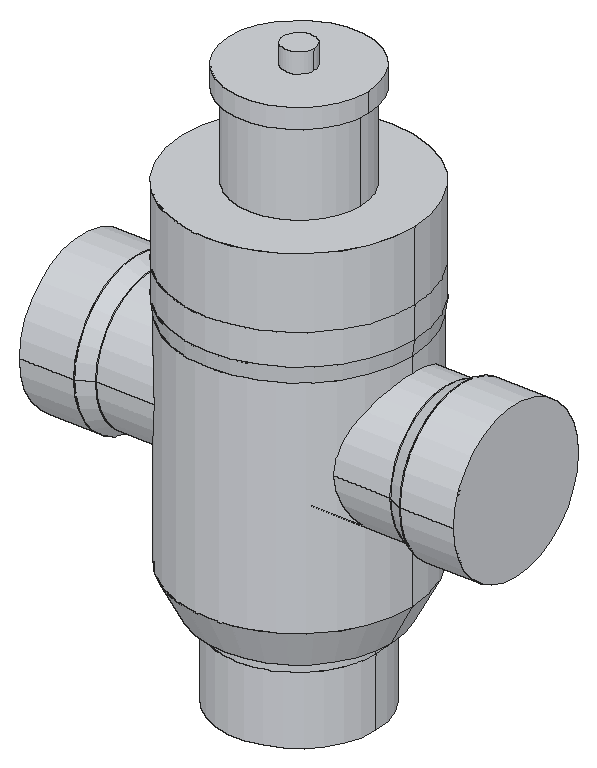
Revit family "VMX26P_DN20_PN16_RFA_2019", category Pipe Accessories, Revit 2019
Family settings
  Round Connector Dimension = Use Diameter
  Part Type = Valve - Breaks Into
  Work Plane-Based = No
  Always vertical = Yes
  Cut with Voids When Loaded = No
  Shared = No
Parameters (values of type "VMX26P G3/4  PN16 kvs6,0")
  magiProductId = ""
  magiProductFamilyId = ""
  magiPartTypeId = 320
  isMeasuringValve [instance] = no
  ang2D [instance] = 0.00°
  Z9 = 8.8 mm
  Z8 = 4 mm
  Z7__ve = -Z7  # -2.5 mm
  Z7 = 2.5 mm
  Z6 = 8.45 mm
  Z5 = 9.1 mm
  Z3 = 2 mm
  Z2 = 6.8 mm
  Z1 = 5.1 mm
  X4__ve = -X4  # -7 mm
  X4 = 7 mm
  X3 = 38 mm
  X1 = 5.6 mm
  W2D = 20 mm
  VersionID = ""
  Use Minimum Symbol Size [instance] = no
  URL = "www.hydronix.cz"
  Type Comments = "Závitový, vnější závit, ploché těsnění; LIN charakteristika; PN16; +5~+95°C; max.rychlost proudění 3,0 m/s"
  TL = 56 mm
  R9 = 9 mm
  R8 = 2 mm
  R7 = 15 mm
  R6 = 12 mm
  R5 = 11.29 mm
  R4 = 9.408 mm
  R3 = 10 mm
  R2 = 14.7 mm
  R10 = 8 mm
  R1 = 9 mm
  QmdConnectorList = "301;D;302;D;303;D"
  Productdata [instance] = ""
  Manufacturer = "Hydronix"
  MT = 1
  MC Product Code = "VMX26P (G3/4\";  dpmax A-AB=100kPa;  dpmax B-AB=40kPa;  kvs 6,0)"
  MC = yes
  LT2 = 21 mm
  L2D_Min = 30.48 mm
  L2D = 42 mm
  L = 42 mm
  H1 = 29 mm
  H = 26 mm
  E = 16 mm
  Description = "3 cestný regulační ventil malých spotřebičů, DN20; zdvih 2,5mm; max dp A-AB 100kPa; max dp B-AB 40kPa; kvs6,0"
  DT2 = 10 mm
  D = 20 mm
  CS = no
  CAT0 = yes
  CAT = no
  C = 34 mm
  Assembly Code = ""
Types (8, lengths in mm): name | Z9 | Z6 | Z5 | Z2 | Z1 | X3 | X1 | W2D | TL | R6 | R5 | R4 | R3 | R2 | R1 | MC Product Code | LT2 | L2D | L | H1 | H | Description | DT2 | D | C
  VMX09P G1/2  PN16 kvs0,25 | 7 | 8.775 | 9.45 | 5 | 3.75 | 34 | 5.2 | 15 | 52 | 9 | 10.214 | 8.512 | 7.5 | 13.3 | 6.75 | "VMX09P (G1/2\"; dpmax=250kPa; kvs 0,25)" | 19 | 38 | 38 | 23.8 | 27 | "3 cestný regulační ventil malých spotřebičů, DN15; zdvih 2,5mm; max dp 250kPa; kvs0,25" | 7.5 | 15 | 25
  VMX10P G1/2  PN16 kvs0,4 | 7 | 8.775 | 9.45 | 5 | 3.75 | 34 | 5.2 | 15 | 52 | 9 | 10.214 | 8.512 | 7.5 | 13.3 | 6.75 | "VMX10P (G1/2\"; dpmax=250kPa; kvs 0,4)" | 19 | 38 | 38 | 23.8 | 27 | "3 cestný regulační ventil malých spotřebičů, DN15; zdvih 2,5mm; max dp 250kPa; kvs0,4" | 7.5 | 15 | 25
  VMX11P G1/2  PN16 kvs0,6 | 7 | 8.775 | 9.45 | 5 | 3.75 | 34 | 5.2 | 15 | 52 | 9 | 10.214 | 8.512 | 7.5 | 13.3 | 6.75 | "VMX11P (G1/2\"; dpmax=250kPa; kvs 0,6)" | 19 | 38 | 38 | 23.8 | 27 | "3 cestný regulační ventil malých spotřebičů, DN15; zdvih 2,5mm; max dp 250kPa; kvs0,6" | 7.5 | 15 | 25
  VMX12P G1/2  PN16 kvs1,0 | 7 | 8.775 | 9.45 | 5 | 3.75 | 34 | 5.2 | 15 | 52 | 9 | 10.214 | 8.512 | 7.5 | 13.3 | 6.75 | "VMX12P (G1/2\"; dpmax=250kPa; kvs 1,0)" | 19 | 38 | 38 | 23.8 | 27 | "3 cestný regulační ventil malých spotřebičů, DN15; zdvih 2,5mm; max dp 250kPa; kvs1,0" | 7.5 | 15 | 25
  VMX13P G1/2  PN16 kvs1,6 | 7 | 8.775 | 9.45 | 5 | 3.75 | 34 | 5.2 | 15 | 52 | 9 | 10.214 | 8.512 | 7.5 | 13.3 | 6.75 | "VMX13P (G1/2\"; dpmax=250kPa; kvs 1,6)" | 19 | 38 | 38 | 23.8 | 27 | "3 cestný regulační ventil malých spotřebičů, DN15; zdvih 2,5mm; max dp 250kPa; kvs1,6" | 7.5 | 15 | 25
  VMX21P G3/4  PN16 kvs2,5 | 8.8 | 8.45 | 9.1 | 6.8 | 5.1 | 38 | 5.6 | 20 | 56 | 12 | 11.29 | 9.408 | 10 | 14.7 | 9 | "VMX21P (G3/4\"; dpmax=150kPa; kvs 2,5)" | 21 | 42 | 42 | 29 | 26 | "3 cestný regulační ventil malých spotřebičů, DN20; zdvih 2,5mm; max dp 150kPa; kvs2,5" | 10 | 20 | 34
  VMX24P G3/4  PN16 kvs4,0 | 8.8 | 8.45 | 9.1 | 6.8 | 5.1 | 38 | 5.6 | 20 | 56 | 12 | 11.29 | 9.408 | 10 | 14.7 | 9 | "VMX24P (G3/4\";  dpmax A-AB=100kPa;  dpmax B-AB=40kPa;  kvs 4,0)" | 21 | 42 | 42 | 29 | 26 | "3 cestný regulační ventil malých spotřebičů, DN20; zdvih 2,5mm; max dp A-AB 100kPa; max dp B-AB 40kPa; kvs4,0" | 10 | 20 | 34
  VMX26P G3/4  PN16 kvs6,0 | 8.8 | 8.45 | 9.1 | 6.8 | 5.1 | 38 | 5.6 | 20 | 56 | 12 | 11.29 | 9.408 | 10 | 14.7 | 9 | "VMX26P (G3/4\";  dpmax A-AB=100kPa;  dpmax B-AB=40kPa;  kvs 6,0)" | 21 | 42 | 42 | 29 | 26 | "3 cestný regulační ventil malých spotřebičů, DN20; zdvih 2,5mm; max dp A-AB 100kPa; max dp B-AB 40kPa; kvs6,0" | 10 | 20 | 34
Reference planes
  plane 1 "Center (Front/Back)": y = 0
  plane 2 "XYPLANE": z = 0
  plane 3 "Center (Left/Right)": x = 0
  plane 4 "271": z = 37
  plane 5 "254": z = 10.9
  plane 6 "253": z = 16.9
  plane 7 "148": z = 39.5
  plane 8 "132": z = 42
  plane 9 "62": z = 12.9
  plane 10 "53": z = 26
  plane 11 "52": z = -18.1
  plane 12 "48": z = -23.2
  plane 13 "47": z = -25.2
  plane 14 "38": z = -32
  plane 15 "37": x = 19
  plane 16 "36": x = 21
  plane 17 "23": z = -34
  plane 18 "19": x = -19
  plane 19 "15": x = -21
  plane 20 "6": x = 28
  plane 21 "5": x = -28
  plane 22 "3": z = 0
  plane 23 "2": y = 0
  plane 24 "1": x = 0
Forms (mm)
  Extrusion 1, solid
    sketch origin (-750, 0, -34) x (1, 0, 0) y (0, 1, 0)
      loop
        circle (750, 0) r 10
    from 0 to 8.8 <- "Z9"
  Extrusion 2, solid, visible <- "CAT0"
    sketch origin (-750, 0, 42) x (1, 0, 0) y (0, 1, 0)
      loop
        circle (750, 0) r 2
    from 0 to -2.5 <- "Z7__ve"
  Extrusion 3, solid, visible <- "CAT0"
    sketch origin (-750, 0, 37) x (1, 0, 0) y (0, 1, 0)
      loop
        circle (750, 0) r 8
    from 0 to -19
  Extrusion 4, solid, visible <- "CAT0"
    sketch origin (-19, -750, 0) x (0, 1, 0) y (0, 0, 1)
      loop
        circle (750, 0) r 9
    from 0 to 38 <- "X3"
  Extrusion 5, solid
    sketch origin (-750, 0, 12.9) x (1, 0, 0) y (0, 1, 0)
      loop
        circle (750, 0) r 15
    from 0 to 4 <- "Z8"
  Extrusion 6, solid
    sketch origin (-750, 0, 39.5) x (1, 0, 0) y (0, 1, 0)
      loop
        circle (750, 0) r 9
    from 0 to -2.5 <- "Z7__ve"
  Extrusion 7, solid
    sketch origin (-750, 0, 16.9) x (1, 0, 0) y (0, 1, 0)
      loop
        circle (750, 0) r 15
    from 0 to 9.1 <- "Z5"
  Blend 8, solid
    base sketch origin (-750, 0, 10.9) x (1, 0, 0) y (0, 1, 0)
      loop
        circle (750, 0) r 14.7
    top sketch origin (-750, 0, 10.9) x (1, 0, 0) y (0, 1, 0)
      loop
        circle (750, 0) r 15
    from 0 to 2
  Blend 9, solid
    base sketch origin (-750, 0, -18.1) x (1, 0, 0) y (0, 1, 0)
      loop
        circle (750, 0) r 14.7
    top sketch origin (-750, 0, -18.1) x (1, 0, 0) y (0, 1, 0)
      loop
        circle (750, 0) r 12
    from 0 to -5.1
  Extrusion 10, solid
    sketch origin (-750, 0, -25.2) x (1, 0, 0) y (0, 1, 0)
      loop
        circle (750, 0) r 10
    from 0 to 2 <- "Z3"
  Extrusion 11, solid
    sketch origin (28, -750, 0) x (0, 1, 0) y (0, 0, 1)
      loop
        circle (750, 0) r 10
    from 0 to -7 <- "X4__ve"
  Blend 12, solid
    base sketch origin (21, -750, 0) x (0, 1, 0) y (0, 0, 1)
      loop
        circle (750, 0) r 10
    top sketch origin (21, -750, 0) x (0, 1, 0) y (0, 0, 1)
      loop
        circle (750, 0) r 9
    from 0 to -2
  Extrusion 13, solid
    sketch origin (-750, 0, -18.1) x (1, 0, 0) y (0, 1, 0)
      loop
        circle (750, 0) r 14.7
    from 0 to 29 <- "H1"
  Blend 14, solid
    base sketch origin (-21, -750, 0) x (0, 1, 0) y (0, 0, 1)
      loop
        circle (750, 0) r 10
    top sketch origin (-21, -750, 0) x (0, 1, 0) y (0, 0, 1)
      loop
        circle (750, 0) r 9
    from 0 to 2
  Extrusion 15, solid
    sketch origin (-28, -750, 0) x (0, 1, 0) y (0, 0, 1)
      loop
        circle (750, 0) r 10
    from 0 to 7 <- "X4"
  Extrusion 16, solid, not visible
    sketch origin (-750, 0, -25.2) x (1, 0, 0) y (0, 1, 0)
      loop
        circle (750, 0) r 10
    from 0 to 10
  Extrusion 17, solid, not visible
    sketch origin (21, -750, 0) x (0, 1, 0) y (0, 0, 1)
      loop
        circle (750, 0) r 10
    from 0 to -10
  Extrusion 18, solid, not visible
    sketch origin (-21, -750, 0) x (0, 1, 0) y (0, 0, 1)
      loop
        circle (750, 0) r 10
    from 0 to 10
Lines and regions (mm)
  reference lines, not visible
    curve 1: circle (2, 2, 0) r 1 normal (0, 0, 1)
Dimensions and locks
  plane 1 "Center (Front/Back)" to curve 1 = 2 mm
  "Z7": plane 7 "148" to plane 4 "271"
  "Z3": plane 9 "62" to plane 5 "254"
  "Z5": plane 10 "53" to plane 6 "253"
  "Z7": plane 8 "132" to plane 7 "148"
  "E": plane 10 "53" to plane 8 "132"
  "Z8": plane 6 "253" to plane 9 "62"
  "H": plane 2 "XYPLANE" to plane 10 "53"
  "Z1": plane 12 "48" to plane 11 "52"
  "Z3": plane 13 "47" to plane 12 "48"
  "Z2": plane 14 "38" to plane 13 "47"
  "Z3": plane 17 "23" to plane 14 "38"
  locked: plane 16 "36" to plane 15 "37" at 2
  "LT2": plane 3 "Center (Left/Right)" to plane 16 "36"
  "C": plane 2 "XYPLANE" to plane 17 "23"
  locked: plane 19 "15" to plane 18 "19" at 2
  "LT2": plane 3 "Center (Left/Right)" to plane 19 "15"
  "X4": plane 16 "36" to plane 20 "6"
  "X4": plane 19 "15" to plane 21 "5"
  locked: plane 2 "XYPLANE" to plane 22 "3"
  locked: plane 1 "Center (Front/Back)" to plane 23 "2"
  locked: plane 3 "Center (Left/Right)" to plane 24 "1"
  "DT2": radius of Extrusion 1 sketch curve
  "R8": radius of Extrusion 2 sketch curve
  "R10": radius of Extrusion 3 sketch curve
  "R1": radius of Extrusion 4 sketch curve
  "R7": radius of Extrusion 5 sketch curve
  "R9": radius of Extrusion 6 sketch curve
  "R7": radius of Extrusion 7 sketch curve
  "R7": radius of Blend 8 sketch curve
  "R2": radius of Blend 8 sketch curve
  "R6": radius of Blend 9 sketch curve
  "R2": radius of Blend 9 sketch curve
  "DT2": radius of Extrusion 10 sketch curve
  "DT2": radius of Extrusion 11 sketch curve
  "R1": radius of Blend 12 sketch curve
  "DT2": radius of Blend 12 sketch curve
  "R2": radius of Extrusion 13 sketch curve
  "R1": radius of Blend 14 sketch curve
  "DT2": radius of Blend 14 sketch curve
  "DT2": radius of Extrusion 15 sketch curve
  aligned and locked: level to plane 2 "XYPLANE"
  aligned and locked: plane 23 "2" to Extrusion 1 sketch curve
  aligned and locked: plane 24 "1" to Extrusion 1 sketch curve
  aligned and locked: plane 23 "2" to Extrusion 2 sketch curve
  aligned and locked: plane 24 "1" to Extrusion 2 sketch curve
  aligned and locked: plane 23 "2" to Extrusion 3 sketch curve
  aligned and locked: plane 24 "1" to Extrusion 3 sketch curve
  aligned and locked: plane 22 "3" to Extrusion 4 sketch curve
  aligned and locked: Extrusion 4 sketch curve to plane 23 "2"
  aligned and locked: plane 23 "2" to Extrusion 5 sketch curve
  aligned and locked: plane 24 "1" to Extrusion 5 sketch curve
  aligned and locked: plane 23 "2" to Extrusion 6 sketch curve
  aligned and locked: plane 24 "1" to Extrusion 6 sketch curve
  aligned and locked: plane 23 "2" to Extrusion 7 sketch curve
  aligned and locked: plane 24 "1" to Extrusion 7 sketch curve
  aligned and locked: plane 23 "2" to Blend 8 sketch curve  (x2)
  aligned and locked: plane 24 "1" to Blend 8 sketch curve  (x2)
  aligned and locked: plane 9 "62" to Blend 8
  aligned and locked: plane 23 "2" to Blend 9 sketch curve  (x2)
  aligned and locked: plane 24 "1" to Blend 9 sketch curve  (x2)
  aligned and locked: Blend 9 to plane 12 "48"
  aligned and locked: plane 23 "2" to Extrusion 10 sketch curve
  aligned and locked: plane 24 "1" to Extrusion 10 sketch curve
  aligned and locked: plane 22 "3" to Extrusion 11 sketch curve
  aligned and locked: Extrusion 11 sketch curve to plane 23 "2"
  aligned and locked: plane 22 "3" to Blend 12 sketch curve  (x2)
  aligned and locked: Blend 12 sketch curve to plane 23 "2"  (x2)
  aligned and locked: Blend 12 to plane 15 "37"
  aligned and locked: plane 23 "2" to Extrusion 13 sketch curve
  aligned and locked: plane 24 "1" to Extrusion 13 sketch curve
  aligned and locked: plane 22 "3" to Blend 14 sketch curve  (x2)
  aligned and locked: Blend 14 sketch curve to plane 23 "2"  (x2)
  aligned and locked: plane 18 "19" to Blend 14
  aligned and locked: plane 22 "3" to Extrusion 15 sketch curve
  aligned and locked: Extrusion 15 sketch curve to plane 23 "2"
  aligned and locked: plane 23 "2" to Extrusion 16 sketch curve
  aligned and locked: plane 24 "1" to Extrusion 16 sketch curve
  aligned and locked: plane 22 "3" to Extrusion 17 sketch curve
  aligned and locked: Extrusion 17 sketch curve to plane 23 "2"
  aligned and locked: plane 22 "3" to Extrusion 18 sketch curve
  aligned and locked: Extrusion 18 sketch curve to plane 23 "2"
Automatic sketch dimensions
  plane 1 "Center (Front/Back)" to Extrusion 16 sketch curve = 10 mm
  plane 1 "Center (Front/Back)" to Extrusion 17 sketch curve = 10 mm
  plane 1 "Center (Front/Back)" to Extrusion 18 sketch curve = 10 mm
  plane 3 "Center (Left/Right)" to curve 1 = 2 mm
  radius of curve 1 = 1 mm
Connectors
  piping at (-21, 0, 0), diameter 20, driven by "D"
    settings: on Extrusion 18, index 1, connector inside diameter 609.6 mm, connector length 0 mm, flow factor 0, pipe flow 0.0 L/s, pressure drop 0.0 Pa, fitting loss kfactor 0, connector angle 0.00°, fixture units 0, engagement length 0 mm, angle of deflection 0.00°, flow configuration 0, flow direction 0, fitting loss method 0, system type 29, joint type 0, gender type 0, connector reference index -1, connector utility 0, adjustable connector yes, is connector primary yes, connector description ""
  piping at (21, 0, 0), diameter 20, driven by "D"
    settings: on Extrusion 17, index 2, connector inside diameter 609.6 mm, connector length 0 mm, flow factor 0, pipe flow 0.0 L/s, pressure drop 0.0 Pa, fitting loss kfactor 0, connector angle 0.00°, fixture units 0, engagement length 0 mm, angle of deflection 0.00°, flow configuration 0, flow direction 0, fitting loss method 0, system type 29, joint type 0, gender type 0, connector reference index -1, connector utility 0, adjustable connector yes, is connector primary no, connector description ""
  piping at (0, 0, -25.2), diameter 20, driven by "D"
    settings: on Extrusion 16, index 3, connector inside diameter 609.6 mm, connector length 0 mm, flow factor 0, pipe flow 0.0 L/s, pressure drop 0.0 Pa, fitting loss kfactor 0, connector angle 0.00°, fixture units 0, engagement length 0 mm, angle of deflection 0.00°, flow configuration 0, flow direction 0, fitting loss method 0, system type 29, joint type 0, gender type 0, connector reference index -1, connector utility 0, adjustable connector yes, is connector primary no, connector description ""
